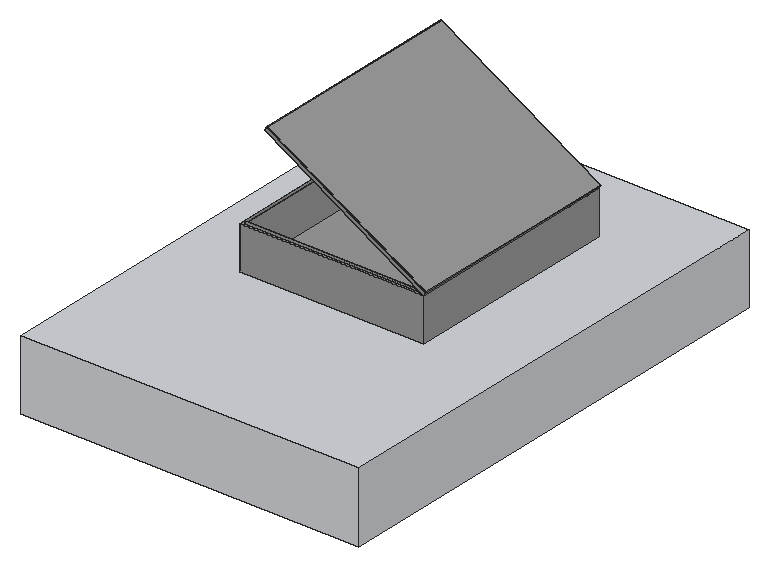
Revit family "Hager-Univers-IP54-D205-H950-Cl.II-Encl-NL-en", category Equipement électrique, Revit 2020
Family settings
  Hôte = Face
  Configuration du panneau = Deux colonnes, circuits au sein
  Cote de connecteur circulaire = Utiliser le diamètre
  Type d'élément = Tableau de raccordement
  Couper avec des vides une fois chargée = Non
  Partagée = Non
  Point de calcul de pièce = Non
Parameters (values of type "Surface mounted (plaster) IP54 W800 H950 D205  - FP63QSW")
  Width Control [instance] = if([EF000008 - Width] > Min Width, [EF000008 - Width], Min Width)  # 800 mm
  Commentaires du type = [HG000003 - Range]  # "Univers"
  Thickness Door [instance] = if([EF009171 - Material plate thickness door/cover] > 3 mm, 3 mm, [EF009171 - Material plate thickness door/cover])  # 1 mm
  Seal Frame Offset [instance] = 17 mm  # constant formula
  Plinth Visibility [instance] = [HG000027 - Plinth height] > 0 mm  # no
  Model = ""
  Min Width [instance] = 100 mm  # constant formula
  Min Height [instance] = 100 mm  # constant formula
  Min Depth [instance] = (2 * [EF009170 - Material plate thickness cabinet]) + 1 mm  # 3 mm
  Internal Frame Depth [instance] = (Door System Depth * 0.5)  # 9 mm
  Height Control [instance] = if([EF000040 - Height] > Min Height, [EF000040 - Height], Min Height)  # 950 mm
  HG000027 - Plinth height = 0 mm
  HG000026 - Floor standing = no
  HG000024 - Bottom section height = 800 mm
  HG000023 - Double section enclosure = no
  HG000016 - Door 3d visibility [instance] = yes
  HG000015 - Clearance visibility [instance] = no
  HG000014 - Door on the right [instance] = yes
  HG000013 - Door on the left [instance] = not([HG000014 - Door on the right])  # no
  HG000012 - Door swing angle [instance] = 30.00°
  HG000010 - Asymmetric doors = no
  HG000009 - Double swing door = no
  HG000006 - Flush mounted = no
  HG000004 - Manufacturer reference = "FP63QSW"
  HG000003 - Range = "Univers"
  HG000002 - With door or cover = yes
  Frame Offset Bottom [instance] = 10 mm  # constant formula
  Frame Offset [instance] = 15 mm  # constant formula
  EF015940 - Cover with overpressure release = no
  EF011959 - Degree of protection (NEMA) = ""
  EF009554 - Number of openings for flange plates = 6
  EF009212 - Cover model = "EV000116 - Closed"
  EF009171 - Material plate thickness door/cover = 1 mm
  EF009170 - Material plate thickness cabinet = 1 mm
  Fabricant = "Hager"  # constant formula
  EF008873 - Nominal current (In) = 250 A
  EF007800 - Suitable for lightning protection = no
  EF006306 - With lock = no
  EF006244 - Transparent cover/door = no
  EF005474 - Degree of protection (IP) = "EV006419 - IP54"
  EF004464 - Type of door = "EV002646 - Single"
  EF004427 - Number of modules = 216
  EF004293 - Impact strength = "EV006815 - IK09"
  EF003532 - Suitable for outdoor use = no
  EF002950 - Width in number of modular spacings = 36
  EF001613 - Circuit integrity = "EV000494 - None"
  EF001596 - Material housing = "EV000179 - Steel"
  EF001131 - Internal depth = 143 mm
  EF001088 - Extension possible = yes
  EF000437 - Number of conduit inlets = 6
  EF000339 - Type of cover = "EV001012 - Cover"
  EF000266 - Number of rows = 6
  EF000218 - Built-in depth = 0 mm
  EF000118 - With mounting plate = no
  EF000116 - RAL-number = "9010"
  EF000049 - Depth = 205 mm
  EF000040 - Height = 950 mm
  EF000008 - Width = 800 mm
  EF000007 - Colour = "EV000202 - White"
  EF000003 - Mounting method = "EV000384 - Surface mounted (plaster)"
  Door System Leaf Tolerance [instance] = 1.5 mm  # constant formula
  Door System Depth [instance] = 18 mm  # constant formula
  Door Height [instance] = Height Control - [HG000027 - Plinth height]  # 950 mm
  Depth Control [instance] = if([EF000049 - Depth] > Min Depth, [EF000049 - Depth], Min Depth)  # 205 mm
  Default Elevation = 0 mm
  Connector Offset [instance] = Height Control / 2  # 475 mm
  Bottom Top Plate Trim [instance] = 1.5 mm  # constant formula
  Plinth height Ctrl [instance] = if([HG000027 - Plinth height] > 0 mm, [HG000027 - Plinth height], 12 mm)  # 12 mm
Types (3, lengths in mm): name | Width Control | HG000004 - Manufacturer reference | EF009554 - Number of openings for flange plates | EF004464 - Type of door | EF004427 - Number of modules | EF002950 - Width in number of modular spacings | EF001131 - Internal depth | EF000437 - Number of conduit inlets | EF000008 - Width
  Surface mounted (plaster) IP54 W1050 H950 D205  - FP64QSW | 1050 | "FP64QSW" | 8 | "EV003602 - Double" | 288 | 48 | 143 | 8 | 1050
  Surface mounted (plaster) IP54 W550 H950 D205  - FP62QSW | 550 | "FP62QSW" | 4 | "EV002646 - Single" | 144 | 24 | 130 | 4 | 550
  Surface mounted (plaster) IP54 W800 H950 D205  - FP63QSW | 800 | "FP63QSW" | 6 | "EV002646 - Single" | 216 | 36 | 143 | 6 | 800
Reference planes
  plane 1 "Center (Front/Back)": y = 0
  plane 2: z = 0
  plane 3 "Center (Left/Right)": x = 0
  plane 4: z = 205
  plane 5: y = 1
  plane 6: y = 475
  plane 7: y = 0
  plane 8: y = 950
  plane 9: z = 0
  plane 10: x = -385
  plane 11: x = 385
  plane 12: x = 384
  plane 13: x = -384
  plane 14: y = 949
  plane 15: x = -383
  plane 16: x = -400
  plane 17: x = 383
  plane 18: x = 400
  plane 19: x = 399
  plane 20: x = -399
  plane 21: y = 11
  plane 22: y = 950
  plane 23: y = 934
  plane 24: z = 187
  plane 25: z = 1
  plane 26: z = 186
  plane 27: z = 204
Forms (mm)
  Extrusion 1, solid
    sketch origin (0, 0, 0) x (1, 0, 0) y (0, 1, 0)
      loop
        line (-702.964, 1305) -> (-702.964, -811.445) -> (766.763, -811.445) -> (766.763, 1305) -> (-702.964, 1305)
    from 0 to -304.8
  Extrusion 2, solid, material "Hager_Steel_RAL7035_Light_Grey", visible <- "Plinth Visibility", detail levels medium+fine
    sketch origin (0, 0, 0) x (1, 0, 0) y (0, 1, 0)
      loop
        line (-400, 0) -> (400, 0) -> (400, 12) -> (-400, 12) -> (-400, 0)
    from 0 to 187
  Extrusion 3, solid, material "Hager_Steel_RAL7035_Light_Grey", detail levels medium+fine
    sketch origin (0, 0, 0) x (1, 0, 0) y (0, 1, 0)
      loop
        line (-400, 0) -> (400, 0) -> (400, 950) -> (-400, 950) -> (-400, 0)
    from 0 to 187
  Extrusion 4, void
    sketch origin (0, 0, 0) x (1, 0, 0) y (0, 1, 0)
      loop
        line (-399, 1) -> (399, 1) -> (399, 949) -> (-399, 949) -> (-399, 1)
    from 1 to 186
  Extrusion 5, void
    sketch origin (-381.607, -4572, 187) x (0, -1, 0) y (-1, 0, 0)
      loop
        line (-4583, 2.393) -> (-5506, 2.393) -> (-5506, -765.607) -> (-4583, -765.607) -> (-4583, 2.393)
    from 0 to 1 <- "EF009170 - Material plate thickness cabinet"
  Extrusion 6, solid, material "Hager_Steel_RAL7035_Light_Grey", detail levels fine
    sketch origin (0, 0, 187) x (1, 0, 0) y (0, 1, 0)
      loop
        line (-384, 934) -> (-384, 11) -> (384, 11) -> (384, 934) -> (-384, 934)
      loop
        line (-385, 10) -> (385, 10) -> (385, 935) -> (-385, 935) -> (-385, 10)
    from 0 to 9 <- "Internal Frame Depth"
  Extrusion 7, solid, material "Hager_Steel_RAL7035_Light_Grey", detail levels coarse
    sketch origin (0, 0, 0) x (1, 0, 0) y (0, 1, 0)
      loop
        line (-400, 0) -> (400, 0) -> (400, 950) -> (-400, 950) -> (-400, 0)
    from 0 to 205
  Sweep 8, void
    path in 3D
      loop
        line (-400, 12, 0) -> (400, 12, 0) -> (400, 12, 187) -> (-400, 12, 187) -> (-400, 12, 0)
    profile origin (-400, 12, 93.5) x (-1, 0, 0) y (0, -1, 0)
      loop
        line (0, 0) -> (0, 1.5) -> (-1.5, 1.5)
        arc (-1.5, 1.5) -> (-1.061, 0.439) -> (0, 0) r 1.5
Cuts and joins
  Extrusion 4, Extrusion 5 cuts Extrusion 3
  Sweep 8 cuts Extrusion 2
Lines and regions (mm)
  Masking region 1
    outline origin (0, 0, 0) x (1, 0, 0) y (0, 0, 1)
      loop
        line (-400, 205) -> (-400, 0) -> (400, 0) -> (400, 205) -> (-400, 205)
  Masking region 2, detail levels medium+fine
    outline origin (0, 140, 0) x (0, 1, 0) y (0, 0, 1)
      loop
        line (-140, 0) -> (810, 0) -> (810, 187) -> (-140, 187) -> (-140, 0)
  Masking region 3, not visible, detail levels medium+fine
    outline origin (0, 297.922, 0) x (0, 1, 0) y (0, 0, 1)
      loop
        line (188.578, 0) -> (228.578, 0) -> (228.578, 194)
        arc (228.578, 194) -> (225.649, 201.071) -> (218.578, 204) r 10
        line (218.578, 204) -> (188.578, 204) -> (188.578, 0)
  Masking region 4, detail levels coarse
    outline origin (0, 0, 180) x (0, 1, 0) y (0, 0, 1)
      loop
        line (0, -180) -> (950, -180) -> (950, 25) -> (0, 25) -> (0, -180)
  Masking region 5, visible <- "Plinth Visibility", detail levels medium+fine
    outline origin (0, 52.24, 12.345) x (0, 0, -1) y (0, 1, 0)
      loop
        line (10.845, -40.24) -> (-173.155, -40.24)
        arc (-173.155, -40.24) -> (-173.594, -41.301) -> (-174.655, -41.74) r 1.5
        line (-174.655, -41.74) -> (-174.655, -52.24) -> (12.345, -52.24) -> (12.345, -41.74)
        arc (12.345, -41.74) -> (11.285, -41.301) -> (10.845, -40.24) r 1.5
  Masking region 6, detail levels medium+fine
    outline origin (-381.607, -4572, 187) x (-1, 0, 0) y (0, -1, 0)
      loop
        line (18.393, -5522) -> (18.393, -4572) -> (-781.607, -4572) -> (-781.607, -5522) -> (18.393, -5522)
  Masking region 7, visible <- "Plinth Visibility", detail levels medium+fine
    outline origin (-381.607, -4727, 187) x (-1, 0, 0) y (0, -1, 0)
      loop
        arc (16.893, -4739) -> (17.332, -4737.939) -> (18.393, -4737.5) r 1.5
        line (18.393, -4737.5) -> (18.393, -4727) -> (-781.607, -4727) -> (-781.607, -4737.5)
        arc (-781.607, -4737.5) -> (-780.546, -4737.939) -> (-780.107, -4739) r 1.5
        line (-780.107, -4739) -> (16.893, -4739)
  Masking region 8, detail levels coarse
    outline origin (-442.548, -4669.526, 187) x (-1, 0, 0) y (0, -1, 0)
      loop
        line (-42.548, -5619.526) -> (-42.548, -4669.526) -> (-842.548, -4669.526) -> (-842.548, -5619.526) -> (-42.548, -5619.526)
  sketch lines
    curve 1: line (-400, 12, 187) -> (-400, 12, 0)
    curve 2: line (400, 12, 187) -> (-400, 12, 187)
    curve 3: line (400, 12, 187) -> (400, 12, 0)
    curve 4: line (-400, 12, 0) -> (400, 12, 0)
Dimensions and locks
  "Depth Control": plane 4 to Extrusion 1
  "HG000027 - Plinth height": plane 1 "Center (Front/Back)" to plane 7
  "EF009170 - Material plate thickness cabinet": plane 5 to plane 7
  locked: connector elem to plane 3 "Center (Left/Right)"
  equal spacing: plane 8, plane 6, plane 7
  locked: connector elem to plane 6
  "EF009170 - Material plate thickness cabinet": plane 8 to plane 14
  "EF009170 - Material plate thickness cabinet": plane 10 to plane 13
  "EF009170 - Material plate thickness cabinet": plane 12 to plane 11
  "Frame Offset": plane 20 to plane 13
  "Frame Offset": plane 12 to plane 19
  "EF009170 - Material plate thickness cabinet": plane 16 to plane 20
  "EF009170 - Material plate thickness cabinet": plane 19 to plane 18
  "Seal Frame Offset": plane 16 to plane 15
  "Seal Frame Offset": plane 17 to plane 18
  "Frame Offset Bottom": plane 21 to plane 5
  "Frame Offset": plane 14 to plane 23
  equal spacing: plane 16, plane 3 "Center (Left/Right)", plane 18
  "Width Control": plane 16 to plane 18
  "EF009170 - Material plate thickness cabinet": plane 4 to plane 27
  "EF009170 - Material plate thickness cabinet": plane 24 to plane 26
  "EF009170 - Material plate thickness cabinet": plane 25 to level
  "Door System Depth": plane 4 to plane 24
  "Height Control": plane 1 "Center (Front/Back)" to Extrusion 7 sketch curve
  "Height Control": Masking region 4 sketch curve to plane 1 "Center (Front/Back)"
  "Height Control": plane 1 "Center (Front/Back)" to plane 22
  "Bottom Top Plate Trim": profile plane to Sweep 8 sketch curve
  "Bottom Top Plate Trim": Sweep 8 sketch curve to profile plane
  "Plinth height Ctrl": plane 1 "Center (Front/Back)" to Extrusion 2 sketch curve
  "Plinth height Ctrl": Masking region 5 sketch curve to plane 1 "Center (Front/Back)"
  "Plinth height Ctrl": plane 1 "Center (Front/Back)" to Masking region 7 sketch curve
  "Thickness Door": Extrusion 6 sketch curve to Extrusion 6 sketch curve  (x3)
  "Thickness Door": cut or joined group of Extrusion 3, Extrusion 4, Extrusion 5 to Extrusion 6 sketch curve
  radius of Masking region 3 sketch curve = 10 mm
  "Bottom Top Plate Trim": radius of Masking region 5 sketch curve  (x2)
  "Bottom Top Plate Trim": radius of Sweep 8 sketch curve
  "Bottom Top Plate Trim": radius of Masking region 7 sketch curve  (x2)
  aligned and locked: plane 2 to Extrusion 1
  aligned and locked: level to Extrusion 1
  aligned and locked: level to Masking region 1 sketch curve
  aligned and locked: Masking region 1 sketch curve to plane 18
  aligned and locked: Masking region 1 sketch curve to plane 16
  aligned and locked: plane 7 to Masking region 2 sketch curve
  aligned and locked: level to Masking region 3 sketch curve
  aligned and locked: Masking region 3 sketch curve to plane 27
  aligned and locked: level to Masking region 2 sketch curve
  aligned and locked: plane 1 "Center (Front/Back)" to Extrusion 2 sketch curve
  aligned and locked: Extrusion 3 sketch curve to plane 7
  aligned and locked: plane 16 to Extrusion 3 sketch curve
  aligned and locked: plane 18 to Extrusion 3 sketch curve
  aligned and locked: plane 20 to Extrusion 4 sketch curve
  aligned and locked: plane 19 to Extrusion 4 sketch curve
  aligned and locked: Extrusion 4 sketch curve to plane 5
  aligned and locked: Extrusion 4 to plane 25
  aligned and locked: plane 26 to Extrusion 4
  aligned and locked: plane 24 to Extrusion 3
  aligned and locked: Extrusion 5 sketch curve to plane 21
  aligned and locked: Extrusion 5 sketch curve to plane 13
  aligned and locked: Extrusion 5 sketch curve to plane 12
  aligned and locked: plane 18 to Extrusion 7 sketch curve
  aligned and locked: plane 1 "Center (Front/Back)" to Extrusion 7 sketch curve
  aligned and locked: plane 16 to Extrusion 7 sketch curve
  aligned and locked: plane 4 to Extrusion 7
  aligned and locked: Extrusion 7 to level
  aligned and locked: level to Masking region 4 sketch curve
  aligned and locked: Masking region 4 sketch curve to plane 1 "Center (Front/Back)"
  aligned and locked: Masking region 4 sketch curve to plane 4
  aligned and locked: nested 1 to level
  aligned and locked: nested 1 to plane 16
  aligned and locked: plane 8 to Extrusion 3 sketch curve
  aligned and locked: plane 23 to Extrusion 5 sketch curve
  aligned and locked: plane 14 to Extrusion 4 sketch curve
  aligned and locked: Masking region 2 sketch curve to plane 8
  aligned and locked: level to Masking region 5 sketch curve
  aligned and locked: plane 16 to Extrusion 2 sketch curve
  aligned and locked: plane 18 to Extrusion 2 sketch curve
  aligned and locked: Masking region 5 sketch curve to plane 24
  aligned and locked: Masking region 2 sketch curve to plane 24
  aligned and locked: plane 24 to Extrusion 2
  aligned and locked: profile plane to Sweep 8 sketch curve  (x2)
  aligned and locked: Masking region 6 sketch curve to plane 18
  aligned and locked: Masking region 6 sketch curve to plane 22
  aligned and locked: Masking region 6 sketch curve to plane 16
  aligned and locked: plane 8 to plane 22
  aligned and locked: Masking region 6 sketch curve to plane 7
  aligned and locked: Masking region 7 sketch curve to plane 16
  aligned and locked: Masking region 7 sketch curve to plane 1 "Center (Front/Back)"
  aligned and locked: Masking region 7 sketch curve to plane 18
  aligned and locked: Masking region 8 sketch curve to plane 1 "Center (Front/Back)"
  aligned and locked: Masking region 8 sketch curve to plane 18
  aligned and locked: Masking region 8 sketch curve to plane 22
  aligned and locked: Masking region 8 sketch curve to plane 16
  aligned and locked: nested 2 to plane 7
  aligned and locked: plane 3 "Center (Left/Right)" to nested 2
  aligned and locked: nested 2 to plane 24
  aligned and locked: Extrusion 6 sketch curve to cut or joined group of Extrusion 3, Extrusion 4, Extrusion 5  (x4)
Automatic sketch dimensions
  Extrusion 1 sketch curve to Extrusion 1 sketch curve = 1469.727 mm
  Extrusion 1 sketch curve to Extrusion 1 sketch curve = 2116.445 mm
  Masking region 1 sketch curve to plane 4 = 0 mm
  plane 6 to Masking region 3 sketch curve = 11.5 mm
  Masking region 3 sketch curve to Masking region 3 sketch curve = 30 mm
  Masking region 5 sketch curve to plane 1 "Center (Front/Back)" = 0 mm
Nested families
  nested 1: "Hager_Enclosure_Symbol" at (-400, 0, 0) x (1, 0, 0) z (0, -1, 0), Height <- "Depth Control", Width <- "Width Control", type "Hager_Enclosure_Symbol"
    with Width_Ctrl 800 mm, Width 800 mm, Height_Ctrl 205 mm, Height 205 mm, A_Width_Int 13.453 mm, A_Width 161.438 mm, A_Height_Ctrl 179.375 mm, A_Height 179.375 mm
  nested 2: "EC000058_Univers_Door" at (0, 0, 187) x (1, 0, 0) z (0, 1, 0), Leaf_Tolerance <- "Door System Leaf Tolerance", Angle <- "HG000012 - Door swing angle", Door_Depth <- "Door System Depth", Door_Left <- "HG000013 - Door on the left", Transparent <- "EF006244 - Transparent cover/door", Assymetrical <- "HG000010 - Asymmetric doors", Width <- "Width Control", Clearance <- "HG000015 - Clearance visibility", Double <- "HG000009 - Double swing door", 3d_Door <- "HG000016 - Door 3d visibility", Lock_Visibility <- "EF006306 - With lock", Width_Ctrl <- "Width Control", Door_Right <- "HG000014 - Door on the right", Door <- "HG000002 - With door or cover", Height <- "Door Height", Thickness <- "Thickness Door", type "EC000058_Univers_Door", detail levels medium+fine
    with min_wh 3 mm, Width_Ctrl 800 mm, Width 800 mm, Transparent no, Thickness 1 mm, Seal_Material Hager_Rubber, Lock_Visibility no, Lock_Material Hager_Plastic_RAL9005_Jet_Black, Leaf_Width 800 mm, Leaf_Tolerance_External_Sides 0 mm, Leaf_Tolerance 1.5 mm, Leaf_Offset 0 mm, Leaf_Height 947 mm, Leaf_2_Width 800 mm, Leaf_2_Offset 400 mm, Leaf_1_Width 800 mm, Leaf_1_Offset 400 mm, Height_Ctrl 950 mm, Height 950 mm, Glass_Material Hager_Glass, Double_Clearance_Ctrl no, Double no, Door_Right_Ctrl yes, Door_Right yes, Door_Material Hager_Steel_RAL7035_Light_Grey, Door_Left_Ctrl no, Door_Left no, Door_Depth 18 mm, Door yes, Clearance_Material Hager_Clearance, Clearance_Depth 800 mm, Clearance_Ctrl no, Clearance no, Assymetrical no, Angle 30.00°, 3d_Door yes
Connectors
  electrical at (0, 475, 0)
    settings: on plane 9, index 1, voltage 0 V, apparent load 0 VA, apparent load phase1 0 VA, apparent load phase2 0 VA, apparent load phase3 0 VA, power factor 1, load classification "Other", number of poles 1, system type 30, power factor state 1, is connector primary yes, connector utility no, sub classification motor no, connector description ""
Definition of nested family "EC000058_Univers_Door"
  Parameters (values of type "EC000058_Univers_Door")
    min_wh [instance] = (2 * Thickness) + 1 mm  # 11 mm
    Width_Ctrl [instance] = 400 mm
    Width [instance] = 500 mm
    Transparent [instance] = yes
    Thickness [instance] = 5 mm
    Seal_Material [instance] = none
    Lock_Visibility [instance] = yes
    Lock_Material [instance] = none
    Leaf_Width [instance] = if((Width_Ctrl - 2 * Leaf_Tolerance_External_Sides) > 0 mm, (Width_Ctrl - 2 * Leaf_Tolerance_External_Sides), min_wh)  # 400 mm
    Leaf_Tolerance_External_Sides [instance] = 0 mm  # constant formula
    Leaf_Tolerance [instance] = 1.5 mm
    Leaf_Offset [instance] = 0 mm  # constant formula
    Leaf_Height [instance] = if((Height_Ctrl - 2 * Leaf_Tolerance) > 0 mm, (Height_Ctrl - 2 * Leaf_Tolerance), min_wh)  # 497 mm
    Leaf_2_Width [instance] = if(and(and(Double, Assymetrical), Door_Left), (Leaf_Width / 3) - (Leaf_Tolerance / 2), if(and(and(Double, Assymetrical), Door_Right), (Leaf_Width / 3) * 2 - (Leaf_Tolerance / 2), if(and(Double, not(Assymetrical)), (Leaf_Width / 2) - Leaf_Tolerance, Leaf_Width)))  # 400 mm
    Leaf_2_Offset [instance] = if(and(Double, Assymetrical), Leaf_2_Width / 2, if(and(Double, not(Assymetrical)), Leaf_Width / 4, Leaf_Width / 2))  # 200 mm
    Leaf_1_Width [instance] = if(and(and(Double, Assymetrical), Door_Right), (Leaf_Width / 3) - (Leaf_Tolerance / 2), if(and(and(Double, Assymetrical), Door_Left), (Width / 3) * 2 - (Leaf_Tolerance / 2), if(and(Double, not(Assymetrical)), (Leaf_Width / 2) - Leaf_Tolerance, Leaf_Width)))  # 400 mm
    Leaf_1_Offset [instance] = if(and(Double, Assymetrical), Leaf_1_Width / 2, if(and(Double, not(Assymetrical)), Leaf_Width / 4, Leaf_Width / 2))  # 200 mm
    Height_Ctrl [instance] = if(Height > min_wh, Height, min_wh)  # 500 mm
    Height [instance] = 500 mm
    Glass_Material [instance] = none
    Double_Clearance_Ctrl [instance] = and(Double, Clearance)  # no
    Double [instance] = no
    Door_Right_Ctrl [instance] = and(or(Door_Right, Double), Door)  # yes
    Door_Right [instance] = yes
    Door_Material [instance] = none
    Door_Left_Ctrl [instance] = and(or(Door_Left, Double), Door)  # no
    Door_Left [instance] = no
    Door_Depth [instance] = 30 mm
    Door [instance] = yes
    Default Elevation = 1219.2 mm
    Clearance_Material [instance] = none
    Clearance_Depth [instance] = if(Leaf_1_Width > Leaf_2_Width, Leaf_1_Width, Leaf_2_Width)  # 400 mm
    Clearance_Ctrl [instance] = and(not(Double), Clearance)  # yes
    Clearance [instance] = yes
    Assymetrical [instance] = yes
    Angle [instance] = 30.00°
    3d_Door [instance] = yes
  Reference planes
    plane 1 "Center (Front/Back)": y = 0
    plane 2 "Bottom": z = 0
    plane 3 "Center (Left/Right)": x = 0
    plane 4: z = 500
    plane 5: x = -200
    plane 6: x = 200
    plane 7: z = 500
    plane 8: x = -200
    plane 9: z = 0
    plane 10: x = 200
    plane 11: y = 0
    plane 12: z = 1.5
    plane 13: x = -600
    plane 14: y = -400
    plane 15: x = 600
    plane 16: x = 0
    plane 17: x = 0
    plane 18: x = -200
    plane 19: x = 200
    plane 20: z = 498.5
  Forms (mm)
    Extrusion 1, solid, material <- "Clearance_Material", visible <- "Double_Clearance_Ctrl"
      sketch origin (1200, 0, 0) x (1, 0, 0) y (0, 0, -1)
        loop
          line (-1800, -498.5) -> (-600, -498.5) -> (-600, 0) -> (-1800, 0) -> (-1800, -498.5)
      from 0 to -400
  Dimensions and locks
    equal spacing: plane 5, plane 3 "Center (Left/Right)", plane 6
    "Width_Ctrl": plane 5 to plane 6
    "Leaf_Offset": plane 5 to plane 8
    "Leaf_Offset": plane 6 to plane 10
    "Leaf_Offset": plane 9 to level
    "Leaf_Offset": plane 4 to plane 7
    "Height_Ctrl": plane 4 to level
    "Leaf_Tolerance": plane 12 to plane 9
    locked: plane 11 to plane 1 "Center (Front/Back)"
    "Leaf_1_Offset": plane 18 to plane 16
    "Leaf_2_Offset": plane 17 to plane 19
    "Leaf_1_Width": plane 13 to plane 8
    "Leaf_2_Width": plane 10 to plane 15
    "Clearance_Depth": plane 14 to plane 1 "Center (Front/Back)"
    "Leaf_Tolerance_External_Sides": plane 8 to plane 18
    "Leaf_Tolerance_External_Sides": plane 19 to plane 10
    "Leaf_Tolerance": plane 7 to plane 20
    aligned and locked: level to plane 2 "Bottom"
    aligned and locked: nested 1 to plane 16
    aligned and locked: nested 2 to plane 17
    aligned and locked: Extrusion 1 to plane 13
    aligned and locked: plane 15 to Extrusion 1
    aligned and locked: Extrusion 1 to plane 14
    aligned and locked: plane 12 to nested 1
    aligned and locked: nested 2 to plane 12
    aligned and locked: Extrusion 1 to plane 11
    aligned and locked: plane 20 to Extrusion 1
    aligned and locked: nested 2 to plane 11
    aligned and locked: nested 1 to plane 11
  Automatic sketch dimensions
    Extrusion 1 sketch curve to level = 0 mm
    plane 5 to Extrusion 1 sketch curve = 400 mm
    plane 6 to Extrusion 1 sketch curve = 400 mm
    Extrusion 1 sketch curve to plane 4 = 1.5 mm
  Nested families
    nested 1: "EC000058_Univers_Door_Leaf" at (0, 0, 1.5), Width <- "Leaf_1_Width", visible <- "Door_Left_Ctrl", Leaf_Height <- "Leaf_Height", Angle <- "Angle", 3d_Door <- "3d_Door", Transparent <- "Transparent", Clearance Material <- "Clearance_Material", Clearance <- "Clearance_Ctrl", Door_Material <- "Door_Material", Glass_Material <- "Glass_Material", Door_Depth <- "Door_Depth", Lock_Material <- "Lock_Material", Seal_Material <- "Seal_Material", Lock_Visibility <- "Lock_Visibility", Thickness <- "Thickness", type "EC000058_Univers_Door_Leaf"
      with Width 400 mm, Transparent_Glass_Offset 30 mm, Transparent_Ctrl yes, Transparent yes, Thickness 5 mm, Standard no, Seal_Material none, Seal_D2 8 mm, Seal_D1 1 mm, Offset_Internal_Frame 10 mm, Lock_Width 20 mm, Lock_Visibility_3d yes, Lock_Visibility yes, Lock_Thickness_3 3 mm, Lock_Thickness_2 1 mm, Lock_Thickness_1 3 mm, Lock_Radius_Offset_2 16 mm, Lock_Radius_Offset_1 15 mm, Lock_Radius_2 5 mm, Lock_Radius 6 mm, Lock_Offset 5 mm, Lock_Material none, Lock_Height 80 mm, Lock_Cover_Top_Offset_2d 17 mm, Lock_Cover_Height -65 mm, Leaf_Height 497 mm, Internal_Seal_Thickness 8 mm, Internal_Seal_Depth_2 4.5 mm, Internal_Frame_Depth 25 mm, Glass_Thickness -1 mm, Glass_Offset -2 mm, Glass_Material none, Door_Material none, Door_Depth 30 mm, Clearance Material none, Clearance yes, Angle_Ctrl 30.00°, Angle 30.00°, 3d_Door yes
    nested 2: "EC000058_Univers_Door_Leaf" at (0, 0, 1.5) x (-1, 0, 0) z (0, 0, 1), Width <- "Leaf_2_Width", visible <- "Door_Right_Ctrl", Leaf_Height <- "Leaf_Height", Angle <- "Angle", 3d_Door <- "3d_Door", Transparent <- "Transparent", Clearance Material <- "Clearance_Material", Clearance <- "Clearance_Ctrl", Door_Material <- "Door_Material", Glass_Material <- "Glass_Material", Door_Depth <- "Door_Depth", Lock_Material <- "Lock_Material", Seal_Material <- "Seal_Material", Lock_Visibility <- "Lock_Visibility", Thickness <- "Thickness", type "EC000058_Univers_Door_Leaf"
      with Width 400 mm, Transparent_Glass_Offset 30 mm, Transparent_Ctrl yes, Transparent yes, Thickness 5 mm, Standard no, Seal_Material none, Seal_D2 8 mm, Seal_D1 1 mm, Offset_Internal_Frame 10 mm, Lock_Width 20 mm, Lock_Visibility_3d yes, Lock_Visibility yes, Lock_Thickness_3 3 mm, Lock_Thickness_2 1 mm, Lock_Thickness_1 3 mm, Lock_Radius_Offset_2 16 mm, Lock_Radius_Offset_1 15 mm, Lock_Radius_2 5 mm, Lock_Radius 6 mm, Lock_Offset 5 mm, Lock_Material none, Lock_Height 80 mm, Lock_Cover_Top_Offset_2d 17 mm, Lock_Cover_Height -65 mm, Leaf_Height 497 mm, Internal_Seal_Thickness 8 mm, Internal_Seal_Depth_2 4.5 mm, Internal_Frame_Depth 25 mm, Glass_Thickness -1 mm, Glass_Offset -2 mm, Glass_Material none, Door_Material none, Door_Depth 30 mm, Clearance Material none, Clearance yes, Angle_Ctrl 30.00°, Angle 30.00°, 3d_Door yes
  Definition of nested family "EC000058_Univers_Door_Leaf"
    Parameters (values of type "EC000058_Univers_Door_Leaf")
      Width [instance] = 2000 mm
      Transparent_Glass_Offset [instance] = 30 mm
      Transparent_Ctrl [instance] = and(Transparent, [3d_Door])  # yes
      Transparent [instance] = yes
      Thickness [instance] = 5 mm
      Standard [instance] = and(not(Transparent), [3d_Door])  # no
      Seal_Material [instance] = none
      Seal_D2 [instance] = 8 mm  # constant formula
      Seal_D1 [instance] = 1 mm  # constant formula
      Offset_Internal_Frame [instance] = 10 mm  # constant formula
      Lock_Width [instance] = 20 mm  # constant formula
      Lock_Visibility_3d [instance] = and(Lock_Visibility, [3d_Door])  # yes
      Lock_Visibility [instance] = yes
      Lock_Thickness_3 [instance] = 3 mm  # constant formula
      Lock_Thickness_2 [instance] = 1 mm  # constant formula
      Lock_Thickness_1 [instance] = 3 mm  # constant formula
      Lock_Radius_Offset_2 [instance] = Lock_Radius_Offset_1 + 1 mm  # 16 mm
      Lock_Radius_Offset_1 [instance] = 15 mm  # constant formula
      Lock_Radius_2 [instance] = Lock_Radius - 1 mm  # 5 mm
      Lock_Radius [instance] = 6 mm  # constant formula
      Lock_Offset [instance] = 5 mm  # constant formula
      Lock_Material [instance] = none
      Lock_Height [instance] = 80 mm  # constant formula
      Lock_Cover_Top_Offset_2d [instance] = Lock_Radius_Offset_2 + 1 mm  # 17 mm
      Lock_Cover_Height [instance] = -(Lock_Height - Lock_Radius_Offset_1)  # -65 mm
      Leaf_Height [instance] = 2720.336 mm
      Internal_Seal_Thickness [instance] = 8 mm  # constant formula
      Internal_Seal_Depth_2 [instance] = 4.5 mm  # constant formula
      Internal_Frame_Depth [instance] = if(Door_Depth - Thickness > 5 mm, Door_Depth - Thickness, 5 mm)  # 25 mm
      Glass_Thickness [instance] = if(Thickness > 15 mm, Glass_Offset + 10 mm, -1 mm)  # -1 mm
      Glass_Offset [instance] = if(Thickness > 15 mm, -(Thickness + 10 mm) / 2, -2 mm)  # -2 mm
      Glass_Material [instance] = none
      Door_Material [instance] = none
      Door_Depth [instance] = 30 mm
      Default Elevation = 0 mm
      Clearance Material [instance] = none
      Clearance [instance] = yes
      Angle_Ctrl [instance] = if(Angle > 180.00°, 180.00°, Angle)  # 90.00°
      Angle [instance] = 90.00°
      3d_Door [instance] = yes
    Reference planes
      plane 1 "Center (Front/Back)": y = 0
      plane 2: z = 0
      plane 3 "Center (Left/Right)": x = 0
      plane 4: y = 2000
      plane 5: x = -1000
      plane 6: x = 1000
      plane 7: x = -3000
      plane 8: z = 2720.336
      plane 9: z = 30
      plane 10: z = 2690.336
      plane 11: x = 970
      plane 12: x = -970
      plane 13: y = -3
      plane 14: z = 107.833
      plane 15: y = -5
      plane 16: y = -223.314
      plane 17: x = -1000
      plane 18: z = 1360.168
      plane 19: y = 30
    Forms (mm)
      Extrusion 1, solid, material <- "Clearance Material", visible <- "Clearance"
        sketch origin (0, 0, 0) x (1, 0, 0) y (0, 0, 1)
          loop
            line (-3000, 2720.336) -> (-3000, 0) -> (1000, 0) -> (1000, 2720.336) -> (-3000, 2720.336)
        from 0 to -2000
      Extrusion 2, solid, material <- "Door_Material", visible <- "Standard", detail levels medium+fine
        sketch origin (-1000, 0, 0) x (0, 1, 0) y (-1, 0, 0)
          loop
            line (0, 30) -> (0, 25) -> (2000, 25) -> (2000, 30) -> (0, 30)
        from 0 to 2720.336 <- "Leaf_Height"
      Extrusion 3, solid, material <- "Door_Material", visible <- "Transparent_Ctrl", detail levels medium+fine
        sketch origin (-1000, 0, 0) x (0, 1, 0) y (-1, 0, 0)
          loop
            line (0, 25) -> (2000, 25) -> (2000, 30) -> (0, 30) -> (0, 25)
        from 0 to 2720.336 <- "Leaf_Height"
      Extrusion 4, void
        sketch origin (-1025, 2000, 0) x (0, 1, 0) y (0, 0, -1)
          loop
            line (-30, -2690.336) -> (-30, -30) -> (-1970, -30) -> (-1970, -2690.336) -> (-30, -2690.336)
        from 0 to 5 <- "Thickness"
      Sweep 5, solid, material <- "Seal_Material", visible <- "Transparent_Ctrl", detail levels fine
        path in 3D
          loop
            line (-1025, 30, 30) -> (-1025, 30, 2690.336) -> (-1025, 1970, 2690.336) -> (-1025, 1970, 30) -> (-1025, 30, 30)
        profile origin (-1025, 1000, 30) x (1, 0, 0) y (0, 0, 1)
          loop
            line (0, 0) -> (0, -8) -> (1, -8) -> (1, 0) -> (0, 0)
      Extrusion 6, solid, material <- "Glass_Material", visible <- "Transparent_Ctrl", detail levels medium+fine
        sketch origin (-1030, 0, 0) x (0, 1, 0) y (0, 0, -1)
          loop
            line (1970, -2690.336) -> (1970, -30) -> (30, -30) -> (30, -2690.336) -> (1970, -2690.336)
        from -2 <- "Glass_Offset" to -1 <- "Glass_Thickness"
      Extrusion 7, solid, material <- "Door_Material", visible <- "3d_Door", detail levels medium+fine
        sketch origin (-1025, 2000, 0) x (0, -1, 0) y (0, 0, -1)
          loop
            line (0, -2720.336) -> (2000, -2720.336) -> (2000, 0) -> (0, 0) -> (0, -2720.336)
          loop
            line (1995, -5) -> (5, -5) -> (5, -2715.336) -> (1995, -2715.336) -> (1995, -5)
        from 0 to 25 <- "Internal_Frame_Depth"
      Sweep 8, solid, material <- "Seal_Material", visible <- "Transparent_Ctrl", detail levels fine
        path in 3D
          loop
            line (-1025, 0, 0) -> (-1025, 2000, 0) -> (-1025, 2000, 2720.336) -> (-1025, 0, 2720.336) -> (-1025, 0, 0)
        profile origin (-1025, 0, 1360.168) x (1, 0, 0) y (0, 1, 0)
          loop
            line (0, 10) -> (2.975, 10)
            arc (2.975, 10) -> (4.053, 10.447) -> (4.5, 11.525) r 1.525
            line (4.5, 11.525) -> (4.5, 16.527)
            arc (4.5, 16.527) -> (4.069, 17.569) -> (3.027, 18) r 1.473
            line (3.027, 18) -> (0, 18) -> (0, 10)
      Extrusion 9, solid, material <- "Lock_Material", visible <- "Lock_Visibility_3d", detail levels fine
        sketch origin (-1030, 0, 0) x (0, 1, 0) y (0, 0, -1)
          loop
            arc (1993.5, -1400.168) -> (1994.561, -1399.729) -> (1995, -1398.668) r 1.5
            line (1995, -1398.668) -> (1995, -1320.168) -> (1975, -1320.168) -> (1975, -1398.668)
            arc (1975, -1398.668) -> (1975.439, -1399.729) -> (1976.5, -1400.168) r 1.5
            line (1976.5, -1400.168) -> (1993.5, -1400.168)
        from 3 <- "Lock_Thickness_1" to 0
      Blend 10, solid, material <- "Lock_Material", visible <- "Lock_Visibility_3d", detail levels fine
        base sketch origin (-1033, 0, 0) x (0, 1, 0) y (0, 0, -1)
          loop
            line (1975, -1320.168) -> (1975, -1398.668)
            arc (1975, -1398.668) -> (1975.439, -1399.729) -> (1976.5, -1400.168) r 1.5
            line (1976.5, -1400.168) -> (1993.5, -1400.168)
            arc (1993.5, -1400.168) -> (1994.561, -1399.729) -> (1995, -1398.668) r 1.5
            line (1995, -1398.668) -> (1995, -1320.168) -> (1975, -1320.168)
        top sketch origin (-1033, 0, 0) x (0, 1, 0) y (0, 0, -1)
          loop
            line (1976, -1320.168) -> (1976, -1398.668)
            arc (1976, -1398.668) -> (1976.146, -1399.022) -> (1976.5, -1399.168) r 0.5
            line (1976.5, -1399.168) -> (1993.5, -1399.168)
            arc (1993.5, -1399.168) -> (1993.854, -1399.022) -> (1994, -1398.668) r 0.5
            line (1994, -1398.668) -> (1994, -1320.168) -> (1976, -1320.168)
        from 0 to 1 <- "Lock_Thickness_2"
      Blend 11, solid, material <- "Lock_Material", visible <- "Lock_Visibility_3d", detail levels fine
        base sketch origin (-1034, 0, 0) x (0, 1, 0) y (0, 0, -1)
          loop
            line (1978, -1320.168) -> (1978, -1384.168)
            arc (1978, -1384.168) -> (1985, -1391.168) -> (1992, -1384.168) r 7
            line (1992, -1384.168) -> (1992, -1320.168) -> (1978, -1320.168)
        top sketch origin (-1034, 0, 0) x (0, 1, 0) y (0, 0, -1)
          loop
            line (1991, -1320.168) -> (1979, -1320.168) -> (1979, -1383.168)
            arc (1979, -1383.168) -> (1985, -1389.168) -> (1991, -1383.168) r 6
            line (1991, -1383.168) -> (1991, -1320.168)
        from 0 to 3 <- "Lock_Thickness_3"
      Extrusion 12, solid, material <- "Lock_Material", visible <- "Lock_Visibility_3d", detail levels fine
        sketch origin (-1030, 1975, 1320.168) x (1, 0, 0) y (0, -1, 0)
          loop
            line (-7, -19) -> (-7, -1) -> (0, -1) -> (0, 0) -> (-8, 0) -> (-8, -20) -> (0, -20) -> (0, -19) -> (-7, -19)
        from 0 to -65 <- "Lock_Cover_Height"
      Extrusion 13, void
        sketch origin (-1038, 1995, 1320.168) x (-1, 0, 0) y (0, 0, -1)
          loop
            line (-5, -65) -> (0, -65) -> (-5, -60) -> (-5, -65)
        from 0 to 20 <- "Lock_Width"
      Extrusion 14, void
        sketch origin (-1038, 1975, 1320.168) x (0, -1, 0) y (0, 0, -1)
          loop
            circle (-10, -15.995) r 6
          loop
            circle (-10, -15.995) r 5
        from 0 to 2
      Extrusion 15, solid, material <- "Lock_Material", visible <- "Lock_Visibility_3d", detail levels medium
        sketch origin (-1030, 0, 0) x (0, 1, 0) y (0, 0, -1)
          loop
            arc (1993.5, -1400.168) -> (1994.561, -1399.729) -> (1995, -1398.668) r 1.5
            line (1995, -1398.668) -> (1995, -1320.168) -> (1975, -1320.168) -> (1975, -1398.668)
            arc (1975, -1398.668) -> (1975.439, -1399.729) -> (1976.5, -1400.168) r 1.5
            line (1976.5, -1400.168) -> (1993.5, -1400.168)
        from 8 to 0
    Cuts and joins
      Extrusion 4 cuts Extrusion 3
      Extrusion 13, Extrusion 14 cuts Extrusion 9
      Extrusion 14 cuts Blend 11
      Extrusion 13, Extrusion 14 cuts Extrusion 12
      joined: Extrusion 9, Blend 10, Blend 11, Extrusion 12
      Extrusion 14 cuts Extrusion 15
    Lines and regions (mm)
      Masking region 1, visible <- "Lock_Visibility", detail levels fine
        outline origin (0, 0, 0) x (0, 1, 0) y (0, 0, 1)
          loop
            line (30, 1320.168) -> (33, 1320.168) -> (33, 1400.168) -> (30, 1400.168) -> (30, 1320.168)
      Masking region 2, visible <- "Lock_Visibility", detail levels fine
        outline origin (0, 3.143, 0) x (0, 1, 0) y (0, 0, 1)
          loop
            line (29.857, 1354.168) -> (30.857, 1354.168) -> (30.857, 1366.168) -> (29.857, 1366.168) -> (29.857, 1354.168)
      Masking region 3, detail levels medium+fine
        outline origin (0, 0, 0) x (0, 1, 0) y (0, 0, 1)
          loop
            line (0, 0) -> (30, 0) -> (30, 2720.336) -> (0, 2720.336) -> (0, 0)
      Masking region 4, detail levels medium+fine
        outline origin (0, 0, 0) x (1, 0, 0) y (0, 0, 1)
          loop
            line (-1000, 2720.336) -> (-1000, 0) -> (1000, 0) -> (1000, 2720.336) -> (-1000, 2720.336)
      Masking region 5, visible <- "Lock_Visibility", detail levels fine
        outline origin (-47.116, 0, 0) x (1, 0, 0) y (0, 0, 1)
          loop
            arc (1024.616, 1399.168) -> (1023.556, 1398.729) -> (1023.116, 1397.668) r 1.5
            line (1023.116, 1397.668) -> (1023.116, 1320.168) -> (1041.116, 1320.168) -> (1041.116, 1397.668)
            arc (1041.116, 1397.668) -> (1040.677, 1398.729) -> (1039.616, 1399.168) r 1.5
            line (1039.616, 1399.168) -> (1024.616, 1399.168)
      Masking region 6, visible <- "Lock_Visibility", detail levels medium+fine
        outline origin (-25, 0, 0) x (1, 0, 0) y (0, 0, 1)
          loop
            arc (1001.5, 1400.168) -> (1000.439, 1399.729) -> (1000, 1398.668) r 1.5
            line (1000, 1398.668) -> (1000, 1320.168) -> (1020, 1320.168) -> (1020, 1398.668)
            arc (1020, 1398.668) -> (1019.561, 1399.729) -> (1018.5, 1400.168) r 1.5
            line (1018.5, 1400.168) -> (1001.5, 1400.168)
      Masking region 7, visible <- "Lock_Visibility", detail levels fine
        outline origin (-73.735, 0, 0) x (1, 0, 0) y (0, 0, 1)
          loop
            line (1051.735, 1382.168) -> (1065.735, 1382.168) -> (1065.735, 1384.168)
            arc (1065.735, 1384.168) -> (1058.735, 1391.168) -> (1051.735, 1384.168) r 7
            line (1051.735, 1384.168) -> (1051.735, 1382.168)
      Masking region 8, visible <- "Lock_Visibility", detail levels fine
        outline origin (-73.735, 0, 0) x (1, 0, 0) y (0, 0, 1)
          loop
            line (1052.735, 1382.168) -> (1064.735, 1382.168) -> (1064.735, 1383.168)
            arc (1064.735, 1383.168) -> (1058.735, 1389.168) -> (1052.735, 1383.168) r 6
            line (1052.735, 1383.168) -> (1052.735, 1382.168)
      Masking region 9, visible <- "Lock_Visibility", detail levels fine
        outline origin (-25, 0, 0) x (1, 0, 0) y (0, 0, 1)
          loop
            line (1020, 1320.168) -> (1020, 1382.168) -> (1000, 1382.168) -> (1000, 1320.168) -> (1020, 1320.168)
      Masking region 10, detail levels medium+fine
        outline origin (0, 0, 0) x (1, 0, 0) y (0, 0, 1)
          loop
            circle (985, 1335.144) r 6
      Masking region 11, detail levels fine
        outline origin (0, 0, 0) x (1, 0, 0) y (0, 0, 1)
          loop
            circle (985, 1335.144) r 5
      Masking region 12, visible <- "Lock_Visibility", detail levels fine
        outline origin (0, 12.767, 0) x (0, 1, 0) y (0, 0, 1)
          loop
            line (20.233, 1320.168) -> (21.233, 1320.168) -> (21.233, 1399.168) -> (20.233, 1400.168) -> (20.233, 1320.168)
      Masking region 13, visible <- "Lock_Visibility", detail levels fine
        outline origin (0, 13.767, -10) x (0, 1, 0) y (0, 0, 1)
          loop
            line (20.233, 1330.168) -> (23.233, 1330.168) -> (23.233, 1399.168) -> (20.233, 1402.168) -> (20.233, 1330.168)
      Masking region 14, visible <- "Lock_Visibility", detail levels fine
        outline origin (0, 12.767, -10) x (0, 1, 0) y (0, 0, 1)
          loop
            line (20.233, 1330.168) -> (25.233, 1330.168) -> (25.233, 1399.305) -> (20.233, 1394.305) -> (20.233, 1330.168)
      Masking region 15, visible <- "Lock_Visibility", detail levels medium
        outline origin (0, 0, 0) x (0, 1, 0) y (0, 0, 1)
          loop
            line (30, 1320.168) -> (38, 1320.168) -> (38, 1400.168) -> (30, 1400.168) -> (30, 1320.168)
      Masking region 16, visible <- "Lock_Visibility", detail levels fine
        outline origin (-1000, 0, 0) x (0, 1, 0) y (-1, 0, 0)
          loop
            line (1975, 30) -> (1995, 30) -> (1995, 38) -> (1975, 38) -> (1975, 30)
          loop
            line (1979, 37) -> (1976, 37) -> (1976, 34) -> (1978, 34) -> (1979, 37)
          loop
            line (1994, 37) -> (1991, 37) -> (1992, 34) -> (1994, 34) -> (1994, 37)
      Masking region 17, visible <- "Lock_Visibility", detail levels medium
        outline origin (-1000, 0, 0) x (0, 1, 0) y (-1, 0, 0)
          loop
            line (1975, 30) -> (1995, 30) -> (1995, 38) -> (1975, 38) -> (1975, 30)
      symbolic lines
        curve 1: line (1000, 0, 0) -> (-3000, 0, 0)
        curve 2: arc (1000, 0, 0) -> (-1000, 2000, 0) -> (-3000, 0, 0) r 2000
        curve 4: line (-1030, 0, 0) -> (-1030, 2000, 0)
      reference lines
        curve 3: line (-1000, 0, 0) -> (-1000, 2000, 0)
      symbolic lines, detail levels medium+fine
        curve 5: line (-1030, 2000, 0) -> (-1025, 2000, 0)
        curve 7: line (-1025, 0, 0) -> (-1030, 0, 0)
        curve 8: line (-1025, 0, 0) -> (-1000, 0, 0)
        curve 9: line (-1000, 0, 0) -> (-1000, 2000, 0)
        curve 10: line (-1000, 2000, 0) -> (-1025, 2000, 0)
      symbolic lines, detail levels fine
        curve 6: line (-1025, 2000, 0) -> (-1025, 0, 0)
      sketch lines
        curve 11: line (-1025, 0, 2720.336) -> (-1025, 0, 0)
        curve 12: line (-1025, 2000, 0) -> (-1025, 0, 0)
        curve 13: line (-1025, 2000, 2720.336) -> (-1025, 2000, 0)
        curve 14: line (-1025, 0, 2720.336) -> (-1025, 2000, 2720.336)
        curve 15: line (-1025, 1970, 30) -> (-1025, 30, 30)
        curve 16: line (-1025, 30, 30) -> (-1025, 30, 2690.336)
        curve 17: line (-1025, 1970, 2690.336) -> (-1025, 1970, 30)
        curve 18: line (-1025, 30, 2690.336) -> (-1025, 1970, 2690.336)
      symbolic lines, visible <- "Transparent", detail levels medium+fine
        curve 19: line (-970, 0, 2690.336) -> (970, 0, 2690.336)
        curve 20: line (-970, 0, 30) -> (-970, 0, 2690.336)
        curve 21: line (970, 0, 30) -> (-970, 0, 30)
        curve 22: line (970, 0, 2690.336) -> (970, 0, 30)
    Dimensions and locks
      "Width": plane 1 "Center (Front/Back)" to plane 4
      equal spacing: plane 5, plane 3 "Center (Left/Right)", plane 6
      "Width": plane 5 to plane 6
      "Width": plane 7 to plane 5
      "Leaf_Height": plane 8 to level
      "Width": curve 5 to curve 3
      "Width": curve 3 to curve 3
      plane 8 to plane 10 = 30 mm
      plane 9 to level = 30 mm
      plane 12 to plane 5 = 30 mm
      plane 6 to plane 11 = 30 mm
      Extrusion 1 to Extrusion 4 sketch curve = 30 mm
      "Transparent_Glass_Offset": curve 3 to Extrusion 4 sketch curve
      "Transparent_Glass_Offset": Extrusion 4 sketch curve to cut or joined group of Extrusion 3, Extrusion 4  (x2)
      cut or joined group of Extrusion 3, Extrusion 4 to Extrusion 6 sketch curve = 30 mm
      "Transparent_Glass_Offset": cut or joined group of Extrusion 3, Extrusion 4 to Extrusion 4 sketch curve
      "Thickness": curve 6 to curve 4
      "Thickness": Extrusion 7 sketch curve to Extrusion 7 sketch curve  (x4)
      "Door_Depth": curve 4 to curve 3
      "Offset_Internal_Frame": profile plane to Sweep 8 sketch curve
      "Internal_Seal_Thickness": Sweep 8 sketch curve to Sweep 8 sketch curve
      "Internal_Seal_Depth_2": profile plane to Sweep 8 sketch curve
      "Seal_D1": profile plane to Sweep 5 sketch curve
      "Seal_D2": profile plane to Sweep 5 sketch curve
      "Thickness": Extrusion 2 sketch curve to Extrusion 2 sketch curve
      equal spacing: Extrusion 9 sketch curve, plane 18, Extrusion 9 sketch curve  (x2)
      equal spacing: Masking region 1 sketch curve, plane 18, Masking region 1 sketch curve
      "Lock_Height": Masking region 1 sketch curve to Masking region 1 sketch curve
      "Lock_Radius": Masking region 2 sketch curve to plane 18 to Masking region 2 sketch curve
      Masking region 2 sketch curve to Masking region 1 = 1 mm
      "Door_Depth": plane 19 to plane 1 "Center (Front/Back)"
      "Lock_Thickness_1": Masking region 1 sketch curve to plane 19
      "Lock_Width": Extrusion 9 sketch curve to Extrusion 9 sketch curve
      "Lock_Height": Extrusion 9 sketch curve to Extrusion 9 sketch curve
      "Lock_Offset": cut or joined group of Extrusion 3, Extrusion 4 to Extrusion 9 sketch curve
      equal spacing: plane 8, plane 18, level
      "Lock_Radius_Offset_1": Blend 11 sketch curve to Blend 10
      locked: Blend 10 to Blend 11 sketch curve at 2  (x2)
      locked: var sketch to Blend 11 sketch curve at 1  (x2)
      "Lock_Radius_Offset_2": Blend 11 sketch curve to Blend 10
      locked: Extrusion 12 sketch curve to Extrusion 12 sketch curve at 1  (x3)
      Masking region 6 sketch curve to Masking region 6 sketch curve = 80 mm
      "Lock_Height": Masking region 6 sketch curve to Masking region 6 sketch curve
      "Lock_Width": Masking region 6 sketch curve to Masking region 6 sketch curve
      locked: Masking region 6 to Masking region 5 sketch curve at 1  (x3)
      locked: Masking region 5 to Masking region 7 sketch curve at 2  (x2)
      "Lock_Radius_Offset_1": Masking region 5 to Masking region 7 sketch curve
      "Lock_Radius_Offset_2": Masking region 5 to Masking region 8 sketch curve
      locked: Masking region 7 to Masking region 8 sketch curve at 1  (x2)
      "Lock_Cover_Top_Offset_2d": Masking region 5 to Masking region 9 sketch curve
      equal spacing: Masking region 9, Masking region 10 sketch curve, Masking region 9
      equal spacing: Masking region 9, Masking region 11 sketch curve, Masking region 9
      Extrusion 15 sketch curve to Extrusion 15 sketch curve = 80 mm
      "Lock_Width": Extrusion 15 sketch curve to Extrusion 15 sketch curve
      "Lock_Height": Extrusion 15 sketch curve to Extrusion 15 sketch curve
      equal spacing: Extrusion 15 sketch curve, plane 18, Extrusion 15 sketch curve
      "Lock_Thickness_3": Masking region 13 sketch curve to Masking region 13 sketch curve
      "Lock_Height": Masking region 12 sketch curve to Masking region 12 sketch curve
      locked: Masking region 13 sketch curve to Masking region 1 at 8
      locked: Masking region 14 sketch curve to Masking region 13 at 1
      locked: Masking region 14 sketch curve to Masking region 1 at 10.863
      "Lock_Height": Masking region 15 sketch curve to Masking region 15 sketch curve
      "Lock_Offset": Extrusion 15 sketch curve to cut or joined group of Extrusion 3, Extrusion 4
      "Lock_Offset": plane 6 to Masking region 6 sketch curve
      radius of Sweep 8 sketch curve = 1.525 mm
      radius of Sweep 8 sketch curve = 1.473 mm
      radius of Extrusion 9 sketch curve = 1.5 mm  (x2)
      "Lock_Radius": radius of Extrusion 14 sketch curve
      "Lock_Radius_2": radius of Extrusion 14 sketch curve
      "Lock_Radius": radius of Masking region 10 sketch curve
      "Lock_Radius_2": radius of Masking region 11 sketch curve
      radius of Extrusion 15 sketch curve = 1.5 mm  (x2)
      "Angle_Ctrl": angle plane 1 "Center (Front/Back)" to curve 3
      locked: Masking region 12 sketch curve to Masking region 12 sketch curve (angle 45.00°)
      locked: Masking region 13 sketch curve to Masking region 13 sketch curve (angle 45.00°)
      locked: Masking region 14 sketch curve to Masking region 14 sketch curve (angle 45.00°)
      aligned and locked: level to plane 2
      aligned and locked: Extrusion 1 to curve 1
      aligned and locked: plane 6 to Extrusion 1
      aligned and locked: Extrusion 1 to plane 1 "Center (Front/Back)"
      aligned and locked: plane 4 to Extrusion 1
      aligned and locked: plane 8 to Extrusion 1
      aligned and locked: curve 7 to Extrusion 2 sketch curve
      aligned and locked: curve 5 to Extrusion 2 sketch curve
      aligned and locked: curve 7 to Extrusion 3 sketch curve
      aligned and locked: Extrusion 3 sketch curve to curve 4
      aligned and locked: Extrusion 3 sketch curve to curve 6
      aligned and locked: Extrusion 3 sketch curve to curve 5
      aligned and locked: curve 9 to curve 3
      aligned and locked: Extrusion 7 sketch curve to cut or joined group of Extrusion 3, Extrusion 4  (x4)
      aligned and locked: plane 17 to curve 3
      aligned and locked: plane 1 "Center (Front/Back)" to curve 3
      aligned and locked: plane 17 to plane 5
      aligned and locked: Sweep 8 sketch curve to profile plane
      aligned and locked: Sweep 5 sketch curve to profile plane  (x2)
      aligned and locked: Masking region 1 to Masking region 2 sketch curve
      aligned and locked: plane 19 to Masking region 1 sketch curve
      aligned and locked: plane 1 "Center (Front/Back)" to Masking region 3 sketch curve
      aligned and locked: plane 19 to Masking region 3 sketch curve
      aligned and locked: level to Masking region 3 sketch curve
      aligned and locked: Masking region 3 sketch curve to plane 8
      aligned and locked: plane 17 to Masking region 4 sketch curve
      aligned and locked: level to Masking region 4 sketch curve
      aligned and locked: Masking region 4 sketch curve to plane 8
      aligned and locked: plane 12 to curve 20
      aligned and locked: plane 10 to curve 19
      aligned and locked: plane 11 to curve 22
      aligned and locked: curve 21 to plane 9
      aligned and locked: Extrusion 2 sketch curve to cut or joined group of Extrusion 3, Extrusion 4
      aligned and locked: Blend 10 sketch curve to Extrusion 9  (x4)
      aligned and locked: Extrusion 9 to Blend 10 sketch curve
      aligned and locked: Blend 10 to Blend 11 sketch curve
      aligned and locked: Extrusion 12 sketch curve to Blend 11
      aligned and locked: Extrusion 12 sketch curve to Extrusion 9  (x4)
      aligned and locked: Masking region 5 sketch curve to Masking region 6
      aligned and locked: Masking region 9 sketch curve to Masking region 6  (x3)
      aligned and locked: Masking region 12 sketch curve to Masking region 1
      aligned and locked: Masking region 13 sketch curve to Masking region 1
      aligned and locked: Masking region 12 to Masking region 14
      aligned and locked: Masking region 14 sketch curve to Masking region 1
      aligned and locked: Masking region 15 sketch curve to Masking region 14
      aligned and locked: Masking region 13 sketch curve to Masking region 12
      aligned and locked: Masking region 16 sketch curve to cut or joined group of Extrusion 14, Extrusion 15  (x4)
      aligned and locked: Masking region 16 sketch curve to cut or joined group of Extrusion 9, Blend 10, Blend 11, Extrusion 12, Extrusion 13, Extrusion 14  (x6)
      aligned and locked: cut or joined group of Extrusion 9, Blend 10, Blend 11, Extrusion 12, Extrusion 13, Extrusion 14 to Masking region 16 sketch curve
      aligned and locked: Masking region 17 sketch curve to cut or joined group of Extrusion 14, Extrusion 15  (x3)
      aligned and locked: Masking region 17 sketch curve to cut or joined group of Extrusion 9, Blend 10, Blend 11, Extrusion 12, Extrusion 13, Extrusion 14
      aligned and locked: Masking region 9 to Masking region 8 sketch curve
      aligned and locked: Masking region 9 to Masking region 7 sketch curve
    Automatic sketch dimensions
      plane 1 "Center (Front/Back)" to curve 2 = 0 mm
      curve 2 to plane 5 = 0 mm
      Extrusion 1 sketch curve to level = 0 mm
      Extrusion 1 sketch curve to plane 7 = 0 mm
      Extrusion 1 sketch curve to plane 6 = 0 mm
      Extrusion 1 sketch curve to plane 8 = 0 mm
      Extrusion 3 to Extrusion 6 sketch curve = 30 mm  (x4)
      Masking region 4 sketch curve to plane 6 = 0 mm
      Blend 10 sketch curve to Extrusion 9 = 1.5 mm
      Blend 10 sketch curve to Extrusion 9 = 1 mm
      Extrusion 13 sketch curve to Extrusion 12 = 0 mm  (x2)
      Extrusion 12 to Extrusion 13 sketch curve = 3 mm
      Extrusion 13 sketch curve to Extrusion 12 = 5 mm
      Extrusion 14 sketch curve to Extrusion 14 sketch curve = 0 mm  (x2)
      Extrusion 14 sketch curve to Extrusion 12 = 10 mm
      Extrusion 14 sketch curve to Extrusion 12 = 15.995 mm
      Masking region 5 sketch curve to Masking region 5 sketch curve = 1.5 mm  (x2)
      Masking region 10 sketch curve to plane 18 = 25.024 mm
      Masking region 11 sketch curve to plane 18 = 25.024 mm
      plane 19 to Masking region 14 sketch curve = 3 mm
      Masking region 16 sketch curve to Masking region 16 sketch curve = 3 mm
      curve 4 to curve 3 = 0 mm
      Blend 10 to Blend 11 sketch curve = 0 mm
      Masking region 6 sketch curve to Masking region 6 sketch curve = 1.5 mm  (x2)
      Masking region 6 sketch curve to plane 18 = 40 mm
      plane 19 to Masking region 12 sketch curve = 3 mm
      Masking region 12 sketch curve to Masking region 12 sketch curve = 1 mm
      Masking region 15 sketch curve to plane 19 = 0 mm
      Masking region 15 sketch curve to plane 18 = 40 mm
      radius of Blend 10 sketch curve to Extrusion 9 = 1 mm
Definition of nested family "Hager_Enclosure_Symbol"
  Parameters (values of type "Hager_Enclosure_Symbol")
    Width_Ctrl [instance] = if(Width > 1 mm, Width, 1 mm)  # 102.27 mm
    Width [instance] = 102.27 mm
    Height_Ctrl [instance] = if(Height > 1 mm, Height, 1 mm)  # 66.5 mm
    A_Width_Int [instance] = if(A_Width / 12 > 2 mm, A_Width / 12, 2 mm)  # 4.364 mm
    A_Width [instance] = if(A_Height_Ctrl * 0.9 > 2 mm, A_Height_Ctrl * 0.9, 2 mm)  # 52.369 mm
    A_Height_Ctrl [instance] = if(A_Height > 2 mm, A_Height, 2 mm)  # 58.188 mm
    Height [instance] = 66.5 mm
    A_Height [instance] = Height - (Height / 8)  # 58.188 mm
  Reference planes
    plane 1 "Centre (avant/arrière)": y = 0
    plane 2: z = 0
    plane 3 "Centre (gauche/droite)": x = 0
    plane 4: x = 52.369
    plane 5: y = 33.042
    plane 6: y = 41.77
    plane 7: y = 66.5
    plane 8: x = 26.184
    plane 9: y = 37.406
    plane 10: x = 102.27
    plane 11: y = 66.5
    plane 12: y = 8.313
  Lines and regions (mm)
    Filled region 1, type "Solid_Black", in view "Niveau de réf."
      outline origin (0, 0, 0) x (1, 0, 0) y (0, 1, 0)
        loop
          line (52.369, 66.5) -> (33.188, 54.536) -> (45.365, 45.006) -> (52.369, 66.5)
    Filled region 2, type "Solid_Black", in view "Niveau de réf."
      outline origin (0, 0, 0) x (1, 0, 0) y (0, 1, 0)
        loop
          line (0, 0) -> (102.27, 0) -> (102.27, 66.5) -> (0, 0)
    detail lines, in view "Niveau de réf."
      curve 1: line (0, 8.313, 0) -> (26.184, 41.77, 0)
      curve 2: line (26.184, 41.77, 0) -> (26.184, 33.042, 0)
      curve 3: line (26.184, 33.042, 0) -> (52.369, 66.5, 0)
  Dimensions and locks
    "A_Width": plane 3 "Centre (gauche/droite)" to plane 4
    equal spacing: plane 3 "Centre (gauche/droite)", plane 8, plane 4
    equal spacing: plane 6, plane 9, plane 5
    equal spacing: curve 3, Filled region 1 sketch curve, Filled region 1 sketch curve
    "Height_Ctrl": plane 1 "Centre (avant/arrière)" to plane 11
    "A_Height_Ctrl": plane 11 to plane 12
    equal spacing: plane 11, plane 9, plane 12
    "A_Width_Int": plane 6 to plane 9
    "Width_Ctrl": plane 3 "Centre (gauche/droite)" to plane 10
    angle Filled region 1 sketch curve to curve 3 = 20.00°
    angle curve 3 to Filled region 1 sketch curve = 20.00°
    locked: curve 3 to Filled region 1 sketch curve (angle 90.00°)
    aligned and locked: plane 10 to Filled region 2
    aligned and locked: plane 11 to Filled region 2 sketch curve
    aligned and locked: plane 10 to Filled region 2 sketch curve
    aligned and locked: plane 3 "Centre (gauche/droite)" to curve 1
    aligned and locked: plane 12 to curve 1
    aligned and locked: plane 7 to plane 11
  Automatic sketch dimensions
    Filled region 1 sketch curve to plane 4 = 0 mm
    Filled region 1 sketch curve to plane 7 = 0 mm
    plane 1 "Centre (avant/arrière)" to Filled region 2 sketch curve = 0 mm
    Filled region 2 sketch curve to plane 3 "Centre (gauche/droite)" = 0 mm
    curve 2 to plane 6 = 0 mm
    curve 2 to plane 8 = 0 mm
    curve 3 to plane 4 = 0 mm
    curve 2 to plane 5 = 0 mm
    curve 3 to plane 7 = 0 mm
